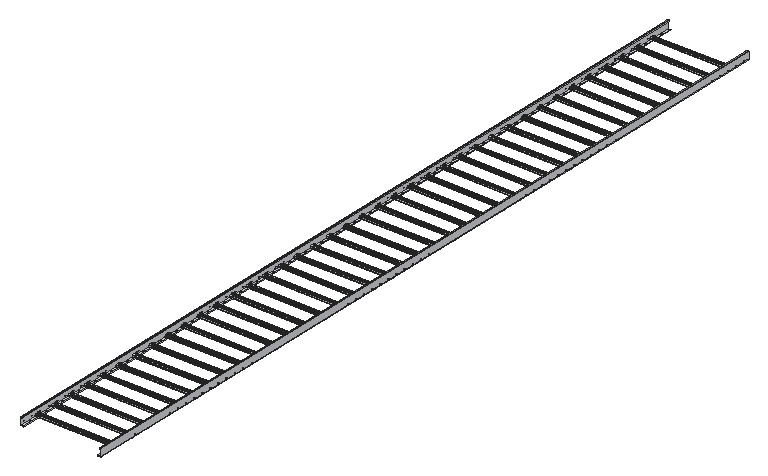
Revit family "Kabelleiter LG 60, 6 m VS FT", category Generic Models, Revit 2017 (continued)
Dimensions and locks
  locked: Extrusion 262 sketch curve to Extrusion 262 sketch curve at 28
  locked: Extrusion 262 sketch curve to plane 690 at 14
  locked: Extrusion 263 sketch curve to Extrusion 263 sketch curve at 9
  locked: plane 691 to Extrusion 263 sketch curve at 4.527
  locked: Extrusion 263 sketch curve to Extrusion 263 sketch curve at 28
  locked: Extrusion 263 sketch curve to plane 692 at 14
  locked: Extrusion 264 sketch curve to Extrusion 264 sketch curve at 9
  locked: plane 693 to Extrusion 264 sketch curve at 4.527
  locked: Extrusion 264 sketch curve to Extrusion 264 sketch curve at 28
  locked: Extrusion 264 sketch curve to plane 694 at 14
  locked: Extrusion 265 sketch curve to Extrusion 265 sketch curve at 9
  locked: plane 695 to Extrusion 265 sketch curve at 4.527
  locked: Extrusion 265 sketch curve to Extrusion 265 sketch curve at 28
  locked: Extrusion 265 sketch curve to plane 696 at 14
  locked: Extrusion 266 sketch curve to Extrusion 266 sketch curve at 9
  locked: plane 697 to Extrusion 266 sketch curve at 4.527
  locked: Extrusion 266 sketch curve to Extrusion 266 sketch curve at 28
  locked: Extrusion 266 sketch curve to plane 698 at 14
  locked: Extrusion 267 sketch curve to Extrusion 267 sketch curve at 9
  locked: plane 699 to Extrusion 267 sketch curve at 4.527
  locked: Extrusion 267 sketch curve to Extrusion 267 sketch curve at 28
  locked: Extrusion 267 sketch curve to plane 700 at 14
  locked: Extrusion 268 sketch curve to Extrusion 268 sketch curve at 9
  locked: plane 701 to Extrusion 268 sketch curve at 4.527
  locked: Extrusion 268 sketch curve to Extrusion 268 sketch curve at 28
  locked: Extrusion 268 sketch curve to plane 702 at 14
  locked: Extrusion 269 sketch curve to Extrusion 269 sketch curve at 9
  locked: plane 703 to Extrusion 269 sketch curve at 4.527
  locked: Extrusion 269 sketch curve to Extrusion 269 sketch curve at 28
  locked: Extrusion 269 sketch curve to plane 704 at 14
  locked: Extrusion 270 sketch curve to Extrusion 270 sketch curve at 9
  locked: plane 705 to Extrusion 270 sketch curve at 4.527
  locked: Extrusion 270 sketch curve to Extrusion 270 sketch curve at 28
  locked: Extrusion 270 sketch curve to plane 706 at 14
  locked: Extrusion 271 sketch curve to Extrusion 271 sketch curve at 9
  locked: plane 707 to Extrusion 271 sketch curve at 4.527
  locked: Extrusion 271 sketch curve to Extrusion 271 sketch curve at 28
  locked: Extrusion 271 sketch curve to plane 708 at 14
  locked: Extrusion 272 sketch curve to Extrusion 272 sketch curve at 9
  locked: plane 709 to Extrusion 272 sketch curve at 4.527
  locked: Extrusion 272 sketch curve to Extrusion 272 sketch curve at 28
  locked: Extrusion 272 sketch curve to plane 710 at 14
  locked: Extrusion 273 sketch curve to Extrusion 273 sketch curve at 9
  locked: plane 711 to Extrusion 273 sketch curve at 4.527
  locked: Extrusion 273 sketch curve to Extrusion 273 sketch curve at 28
  locked: Extrusion 273 sketch curve to plane 712 at 14
  locked: Extrusion 274 sketch curve to Extrusion 274 sketch curve at 9
  locked: plane 713 to Extrusion 274 sketch curve at 4.527
  locked: Extrusion 274 sketch curve to Extrusion 274 sketch curve at 28
  locked: Extrusion 274 sketch curve to plane 714 at 14
  locked: Extrusion 275 sketch curve to Extrusion 275 sketch curve at 9
  locked: plane 715 to Extrusion 275 sketch curve at 4.527
  locked: Extrusion 275 sketch curve to Extrusion 275 sketch curve at 28
  locked: Extrusion 275 sketch curve to plane 716 at 14
  locked: Extrusion 276 sketch curve to Extrusion 276 sketch curve at 9
  locked: plane 717 to Extrusion 276 sketch curve at 4.527
  locked: Extrusion 276 sketch curve to Extrusion 276 sketch curve at 28
  locked: Extrusion 276 sketch curve to plane 718 at 14
  locked: Extrusion 277 sketch curve to Extrusion 277 sketch curve at 9
  locked: plane 719 to Extrusion 277 sketch curve at 4.527
  locked: Extrusion 277 sketch curve to Extrusion 277 sketch curve at 28
  locked: Extrusion 277 sketch curve to plane 720 at 14
  locked: Extrusion 278 sketch curve to Extrusion 278 sketch curve at 9
  locked: plane 721 to Extrusion 278 sketch curve at 4.527
  locked: Extrusion 278 sketch curve to Extrusion 278 sketch curve at 28
  locked: Extrusion 278 sketch curve to plane 722 at 14
  locked: Extrusion 279 sketch curve to Extrusion 279 sketch curve at 9
  locked: plane 723 to Extrusion 279 sketch curve at 4.527
  locked: Extrusion 279 sketch curve to Extrusion 279 sketch curve at 28
  locked: Extrusion 279 sketch curve to plane 724 at 14
  locked: Extrusion 280 sketch curve to Extrusion 280 sketch curve at 9
  locked: plane 725 to Extrusion 280 sketch curve at 4.527
  locked: Extrusion 280 sketch curve to Extrusion 280 sketch curve at 28
  locked: Extrusion 280 sketch curve to plane 726 at 14
  locked: Extrusion 281 sketch curve to Extrusion 281 sketch curve at 9
  locked: plane 727 to Extrusion 281 sketch curve at 4.527
  locked: Extrusion 281 sketch curve to Extrusion 281 sketch curve at 28
  locked: Extrusion 281 sketch curve to plane 728 at 14
  locked: plane 730 to plane 729 at 57.5
  locked: Extrusion 282 sketch curve to Extrusion 282 sketch curve at 11
  locked: plane 729 to Extrusion 282 sketch curve at 5.5
  locked: Extrusion 282 sketch curve to plane 731 at 8.5
  Extrusion 2 to plane 731 = 8.5 mm
  locked: plane 733 to plane 732 at 57.5
  locked: Extrusion 283 sketch curve to Extrusion 283 sketch curve at 11
  locked: plane 732 to Extrusion 283 sketch curve at 5.5
  locked: Extrusion 283 sketch curve to plane 734 at 8.5
  locked: plane 736 to plane 735 at 57.5
  locked: Extrusion 284 sketch curve to Extrusion 284 sketch curve at 11
  locked: plane 735 to Extrusion 284 sketch curve at 5.5
  locked: Extrusion 284 sketch curve to plane 737 at 8.5
  locked: plane 739 to plane 738 at 57.5
  locked: Extrusion 285 sketch curve to Extrusion 285 sketch curve at 11
  locked: plane 738 to Extrusion 285 sketch curve at 5.5
  locked: Extrusion 285 sketch curve to plane 740 at 8.5
  locked: plane 742 to plane 741 at 57.5
  locked: Extrusion 286 sketch curve to Extrusion 286 sketch curve at 11
  locked: plane 741 to Extrusion 286 sketch curve at 5.5
  locked: Extrusion 286 sketch curve to plane 743 at 8.5
  locked: plane 745 to plane 744 at 57.5
  locked: Extrusion 287 sketch curve to Extrusion 287 sketch curve at 11
  locked: plane 744 to Extrusion 287 sketch curve at 5.5
  locked: Extrusion 287 sketch curve to plane 746 at 8.5
  locked: plane 748 to plane 747 at 57.5
  locked: Extrusion 288 sketch curve to Extrusion 288 sketch curve at 11
  locked: plane 747 to Extrusion 288 sketch curve at 5.5
  locked: Extrusion 288 sketch curve to plane 749 at 8.5
  locked: plane 751 to plane 750 at 57.5
  locked: Extrusion 289 sketch curve to Extrusion 289 sketch curve at 11
  locked: plane 750 to Extrusion 289 sketch curve at 5.5
  locked: Extrusion 289 sketch curve to plane 752 at 8.5
  locked: plane 754 to plane 753 at 57.5
  locked: Extrusion 290 sketch curve to Extrusion 290 sketch curve at 11
  locked: plane 753 to Extrusion 290 sketch curve at 5.5
  locked: Extrusion 290 sketch curve to plane 755 at 8.5
  locked: plane 757 to plane 756 at 57.5
  locked: Extrusion 291 sketch curve to Extrusion 291 sketch curve at 11
  locked: plane 756 to Extrusion 291 sketch curve at 5.5
  locked: Extrusion 291 sketch curve to plane 758 at 8.5
  locked: plane 760 to plane 759 at 57.5
  locked: Extrusion 292 sketch curve to Extrusion 292 sketch curve at 11
  locked: plane 759 to Extrusion 292 sketch curve at 5.5
  locked: Extrusion 292 sketch curve to plane 761 at 8.5
  locked: plane 763 to plane 762 at 57.5
  locked: Extrusion 293 sketch curve to Extrusion 293 sketch curve at 11
  locked: plane 762 to Extrusion 293 sketch curve at 5.5
  locked: Extrusion 293 sketch curve to plane 764 at 8.5
  locked: plane 766 to plane 765 at 57.5
  locked: Extrusion 294 sketch curve to Extrusion 294 sketch curve at 11
  locked: plane 765 to Extrusion 294 sketch curve at 5.5
  locked: Extrusion 294 sketch curve to plane 767 at 8.5
  locked: plane 769 to plane 768 at 57.5
  locked: Extrusion 295 sketch curve to Extrusion 295 sketch curve at 11
  locked: plane 768 to Extrusion 295 sketch curve at 5.5
  locked: Extrusion 295 sketch curve to plane 770 at 8.5
  locked: Extrusion 296 sketch curve to Extrusion 296 sketch curve at 7
  locked: Extrusion 296 sketch curve to plane 771 at 3.5
  locked: cut or joined group 1 (Extrusion 2, Extrusion 282, Extrusion 283, Extrusion 284, Extrusion 285, Extrusion 286, Extrusion 287, Extrusion 288, Extrusion 289, Extrusion 290, Extrusion 291, Extrusion 292, Extrusion 293, Extrusion 295, Extrusion 296, Extrusion 297, Extrusion 298, Extrusion 299, Extrusion 300, Extrusion 301, Extrusion 302, Extrusion 303, Extrusion 304, Extrusion 305, Extrusion 306, Extrusion 307) to cut or joined group 1 at 17
  locked: Extrusion 297 sketch curve to Extrusion 297 sketch curve at 7
  locked: Extrusion 297 sketch curve to plane 773 at 3.5
  locked: Extrusion 298 sketch curve to Extrusion 298 sketch curve at 7
  locked: Extrusion 298 sketch curve to plane 775 at 3.5
  locked: Extrusion 299 sketch curve to Extrusion 299 sketch curve at 7
  locked: Extrusion 299 sketch curve to plane 777 at 3.5
  locked: Extrusion 300 sketch curve to Extrusion 300 sketch curve at 7
  locked: Extrusion 300 sketch curve to plane 779 at 3.5
  locked: Extrusion 301 sketch curve to Extrusion 301 sketch curve at 7
  locked: Extrusion 301 sketch curve to plane 781 at 3.5
  locked: Extrusion 302 sketch curve to Extrusion 302 sketch curve at 7
  locked: Extrusion 302 sketch curve to plane 783 at 3.5
  locked: Extrusion 303 sketch curve to Extrusion 303 sketch curve at 7
  locked: Extrusion 303 sketch curve to plane 785 at 3.5
  locked: Extrusion 304 sketch curve to Extrusion 304 sketch curve at 7
  locked: Extrusion 304 sketch curve to plane 787 at 3.5
  locked: Extrusion 305 sketch curve to Extrusion 305 sketch curve at 7
  locked: Extrusion 305 sketch curve to plane 789 at 3.5
  locked: Extrusion 306 sketch curve to Extrusion 306 sketch curve at 7
  locked: Extrusion 306 sketch curve to plane 791 at 3.5
  locked: Extrusion 307 sketch curve to Extrusion 307 sketch curve at 7
  locked: Extrusion 307 sketch curve to plane 793 at 3.5
  locked: plane 796 to plane 795 at 57.5
  locked: Extrusion 308 sketch curve to Extrusion 308 sketch curve at 11
  locked: plane 795 to Extrusion 308 sketch curve at 5.5
  locked: Extrusion 308 sketch curve to plane 797 at 8.5
  locked: plane 799 to plane 798 at 57.5
  locked: Extrusion 309 sketch curve to Extrusion 309 sketch curve at 11
  locked: plane 798 to Extrusion 309 sketch curve at 5.5
  locked: Extrusion 309 sketch curve to plane 800 at 8.5
  locked: plane 802 to plane 801 at 57.5
  locked: Extrusion 310 sketch curve to Extrusion 310 sketch curve at 11
  locked: plane 801 to Extrusion 310 sketch curve at 5.5
  locked: Extrusion 310 sketch curve to plane 803 at 8.5
  locked: plane 805 to plane 804 at 57.5
  locked: Extrusion 311 sketch curve to Extrusion 311 sketch curve at 11
  locked: plane 804 to Extrusion 311 sketch curve at 5.5
  locked: Extrusion 311 sketch curve to plane 806 at 8.5
  locked: plane 808 to plane 807 at 57.5
  locked: Extrusion 312 sketch curve to Extrusion 312 sketch curve at 11
  locked: plane 807 to Extrusion 312 sketch curve at 5.5
  locked: Extrusion 312 sketch curve to plane 809 at 8.5
  locked: plane 811 to plane 810 at 57.5
  locked: Extrusion 313 sketch curve to Extrusion 313 sketch curve at 11
  locked: plane 810 to Extrusion 313 sketch curve at 5.5
  locked: Extrusion 313 sketch curve to plane 812 at 8.5
  locked: plane 814 to plane 813 at 57.5
  locked: Extrusion 314 sketch curve to Extrusion 314 sketch curve at 11
  locked: plane 813 to Extrusion 314 sketch curve at 5.5
  locked: Extrusion 314 sketch curve to plane 815 at 8.5
  locked: plane 817 to plane 816 at 57.5
  locked: Extrusion 315 sketch curve to Extrusion 315 sketch curve at 11
  locked: plane 816 to Extrusion 315 sketch curve at 5.5
  locked: Extrusion 315 sketch curve to plane 818 at 8.5
  locked: plane 820 to plane 819 at 57.5
  locked: Extrusion 316 sketch curve to Extrusion 316 sketch curve at 11
  locked: plane 819 to Extrusion 316 sketch curve at 5.5
  locked: Extrusion 316 sketch curve to plane 821 at 8.5
  locked: plane 823 to plane 822 at 57.5
  locked: Extrusion 317 sketch curve to Extrusion 317 sketch curve at 11
  locked: plane 822 to Extrusion 317 sketch curve at 5.5
  locked: Extrusion 317 sketch curve to plane 824 at 8.5
  locked: plane 826 to plane 825 at 57.5
  locked: Extrusion 318 sketch curve to Extrusion 318 sketch curve at 11
  locked: plane 825 to Extrusion 318 sketch curve at 5.5
  locked: Extrusion 318 sketch curve to plane 827 at 8.5
  locked: plane 829 to plane 828 at 57.5
  locked: Extrusion 319 sketch curve to Extrusion 319 sketch curve at 11
  locked: plane 828 to Extrusion 319 sketch curve at 5.5
  locked: Extrusion 319 sketch curve to plane 830 at 8.5
  locked: plane 832 to plane 831 at 57.5
  locked: Extrusion 320 sketch curve to Extrusion 320 sketch curve at 11
  locked: plane 831 to Extrusion 320 sketch curve at 5.5
  locked: Extrusion 320 sketch curve to plane 833 at 8.5
  locked: plane 835 to plane 834 at 57.5
  locked: Extrusion 321 sketch curve to Extrusion 321 sketch curve at 11
  locked: plane 834 to Extrusion 321 sketch curve at 5.5
  locked: Extrusion 321 sketch curve to plane 836 at 8.5
  locked: plane 838 to plane 837 at 57.5
  locked: Extrusion 322 sketch curve to Extrusion 322 sketch curve at 11
  locked: plane 837 to Extrusion 322 sketch curve at 5.5
  locked: Extrusion 322 sketch curve to plane 839 at 8.5
  locked: plane 841 to plane 840 at 57.5
  locked: Extrusion 323 sketch curve to Extrusion 323 sketch curve at 11
  locked: plane 840 to Extrusion 323 sketch curve at 5.5
  locked: Extrusion 323 sketch curve to plane 842 at 8.5
  locked: plane 844 to plane 843 at 57.5
  locked: Extrusion 324 sketch curve to Extrusion 324 sketch curve at 11
  locked: plane 843 to Extrusion 324 sketch curve at 5.5
  locked: Extrusion 324 sketch curve to plane 845 at 8.5
  locked: plane 847 to plane 846 at 57.5
  locked: Extrusion 325 sketch curve to Extrusion 325 sketch curve at 11
  locked: plane 846 to Extrusion 325 sketch curve at 5.5
  locked: Extrusion 325 sketch curve to plane 848 at 8.5
  locked: plane 850 to plane 849 at 57.5
  locked: Extrusion 326 sketch curve to Extrusion 326 sketch curve at 11
  locked: plane 849 to Extrusion 326 sketch curve at 5.5
  locked: Extrusion 326 sketch curve to plane 851 at 8.5
  locked: plane 853 to plane 852 at 57.5
  locked: Extrusion 327 sketch curve to Extrusion 327 sketch curve at 11
  locked: plane 852 to Extrusion 327 sketch curve at 5.5
  locked: Extrusion 327 sketch curve to plane 854 at 8.5
  locked: plane 856 to plane 855 at 57.5
  locked: Extrusion 328 sketch curve to Extrusion 328 sketch curve at 11
  locked: plane 855 to Extrusion 328 sketch curve at 5.5
  locked: Extrusion 328 sketch curve to plane 857 at 8.5
  locked: plane 859 to plane 858 at 57.5
  locked: Extrusion 329 sketch curve to Extrusion 329 sketch curve at 11
  locked: plane 858 to Extrusion 329 sketch curve at 5.5
  locked: Extrusion 329 sketch curve to plane 860 at 8.5
  locked: plane 862 to plane 861 at 57.5
  locked: Extrusion 330 sketch curve to Extrusion 330 sketch curve at 11
  locked: plane 861 to Extrusion 330 sketch curve at 5.5
  locked: Extrusion 330 sketch curve to plane 863 at 8.5
  locked: plane 865 to plane 864 at 57.5
  locked: Extrusion 331 sketch curve to Extrusion 331 sketch curve at 11
  locked: plane 864 to Extrusion 331 sketch curve at 5.5
  locked: Extrusion 331 sketch curve to plane 866 at 8.5
  locked: plane 868 to plane 867 at 57.5
  locked: Extrusion 332 sketch curve to Extrusion 332 sketch curve at 11
  locked: plane 867 to Extrusion 332 sketch curve at 5.5
  locked: Extrusion 332 sketch curve to plane 869 at 8.5
  locked: plane 871 to plane 870 at 57.5
  locked: Extrusion 333 sketch curve to Extrusion 333 sketch curve at 11
  locked: plane 870 to Extrusion 333 sketch curve at 5.5
  locked: Extrusion 333 sketch curve to plane 872 at 8.5
  locked: plane 874 to plane 873 at 57.5
  locked: Extrusion 334 sketch curve to Extrusion 334 sketch curve at 11
  locked: plane 873 to Extrusion 334 sketch curve at 5.5
  locked: Extrusion 334 sketch curve to plane 875 at 8.5
  locked: plane 877 to plane 876 at 57.5
  locked: Extrusion 335 sketch curve to Extrusion 335 sketch curve at 11
  locked: plane 876 to Extrusion 335 sketch curve at 5.5
  locked: Extrusion 335 sketch curve to plane 878 at 8.5
  locked: plane 880 to plane 879 at 57.5
  locked: Extrusion 336 sketch curve to Extrusion 336 sketch curve at 11
  locked: plane 879 to Extrusion 336 sketch curve at 5.5
  locked: Extrusion 336 sketch curve to plane 881 at 8.5
  locked: plane 883 to plane 882 at 57.5
  locked: Extrusion 337 sketch curve to Extrusion 337 sketch curve at 11
  locked: plane 882 to Extrusion 337 sketch curve at 5.5
  locked: Extrusion 337 sketch curve to plane 884 at 8.5
  locked: plane 886 to plane 885 at 57.5
  locked: Extrusion 338 sketch curve to Extrusion 338 sketch curve at 11
  locked: plane 885 to Extrusion 338 sketch curve at 5.5
  locked: Extrusion 338 sketch curve to plane 887 at 8.5
  locked: plane 889 to plane 888 at 57.5
  locked: Extrusion 339 sketch curve to Extrusion 339 sketch curve at 11
  locked: plane 888 to Extrusion 339 sketch curve at 5.5
  locked: Extrusion 339 sketch curve to plane 890 at 8.5
  locked: plane 892 to plane 891 at 57.5
  locked: Extrusion 340 sketch curve to Extrusion 340 sketch curve at 11
  locked: plane 891 to Extrusion 340 sketch curve at 5.5
  locked: Extrusion 340 sketch curve to plane 893 at 8.5
  locked: plane 895 to plane 894 at 57.5
  locked: Extrusion 341 sketch curve to Extrusion 341 sketch curve at 11
  locked: plane 894 to Extrusion 341 sketch curve at 5.5
  locked: Extrusion 341 sketch curve to plane 896 at 8.5
  locked: plane 898 to plane 897 at 57.5
  locked: Extrusion 342 sketch curve to Extrusion 342 sketch curve at 11
  locked: plane 897 to Extrusion 342 sketch curve at 5.5
  locked: Extrusion 342 sketch curve to plane 899 at 8.5
  locked: plane 901 to plane 900 at 57.5
  locked: Extrusion 343 sketch curve to Extrusion 343 sketch curve at 11
  locked: plane 900 to Extrusion 343 sketch curve at 5.5
  locked: Extrusion 343 sketch curve to plane 902 at 8.5
  locked: plane 904 to plane 903 at 57.5
  locked: Extrusion 344 sketch curve to Extrusion 344 sketch curve at 11
  locked: plane 903 to Extrusion 344 sketch curve at 5.5
  locked: Extrusion 344 sketch curve to plane 905 at 8.5
  locked: Extrusion 345 sketch curve to Extrusion 345 sketch curve at 7
  locked: Extrusion 345 sketch curve to plane 906 at 3.5
  locked: Extrusion 346 sketch curve to Extrusion 346 sketch curve at 7
  locked: Extrusion 346 sketch curve to plane 908 at 3.5
  locked: Extrusion 347 sketch curve to Extrusion 347 sketch curve at 7
  locked: Extrusion 347 sketch curve to plane 910 at 3.5
  locked: Extrusion 348 sketch curve to Extrusion 348 sketch curve at 7
  locked: Extrusion 348 sketch curve to plane 912 at 3.5
  locked: Extrusion 349 sketch curve to Extrusion 349 sketch curve at 7
  locked: Extrusion 349 sketch curve to plane 914 at 3.5
  locked: Extrusion 350 sketch curve to Extrusion 350 sketch curve at 7
  locked: Extrusion 350 sketch curve to plane 916 at 3.5
  locked: Extrusion 351 sketch curve to Extrusion 351 sketch curve at 7
  locked: Extrusion 351 sketch curve to plane 918 at 3.5
  locked: Extrusion 352 sketch curve to Extrusion 352 sketch curve at 7
  locked: Extrusion 352 sketch curve to plane 920 at 3.5
  locked: Extrusion 353 sketch curve to Extrusion 353 sketch curve at 7
  locked: Extrusion 353 sketch curve to plane 922 at 3.5
  locked: Extrusion 354 sketch curve to Extrusion 354 sketch curve at 7
  locked: Extrusion 354 sketch curve to plane 924 at 3.5
  locked: Extrusion 355 sketch curve to Extrusion 355 sketch curve at 7
  locked: Extrusion 355 sketch curve to plane 926 at 3.5
  locked: Extrusion 356 sketch curve to Extrusion 356 sketch curve at 7
  locked: Extrusion 356 sketch curve to plane 928 at 3.5
  locked: Extrusion 357 sketch curve to Extrusion 357 sketch curve at 7
  locked: Extrusion 357 sketch curve to plane 930 at 3.5
  locked: Extrusion 358 sketch curve to Extrusion 358 sketch curve at 7
  locked: Extrusion 358 sketch curve to plane 932 at 3.5
  locked: Extrusion 359 sketch curve to Extrusion 359 sketch curve at 7
  locked: Extrusion 359 sketch curve to plane 934 at 3.5
  locked: Extrusion 360 sketch curve to Extrusion 360 sketch curve at 7
  locked: Extrusion 360 sketch curve to plane 936 at 3.5
  locked: Extrusion 361 sketch curve to Extrusion 361 sketch curve at 7
  locked: Extrusion 361 sketch curve to plane 938 at 3.5
  locked: Extrusion 362 sketch curve to Extrusion 362 sketch curve at 7
  locked: Extrusion 362 sketch curve to plane 940 at 3.5
  locked: Extrusion 363 sketch curve to Extrusion 363 sketch curve at 7
  locked: Extrusion 363 sketch curve to plane 942 at 3.5
  locked: Extrusion 364 sketch curve to Extrusion 364 sketch curve at 7
  locked: Extrusion 364 sketch curve to plane 944 at 3.5
  locked: Extrusion 365 sketch curve to Extrusion 365 sketch curve at 7
  locked: Extrusion 365 sketch curve to plane 946 at 3.5
  locked: Extrusion 366 sketch curve to Extrusion 366 sketch curve at 7
  locked: Extrusion 366 sketch curve to plane 948 at 3.5
  locked: Extrusion 367 sketch curve to Extrusion 367 sketch curve at 7
  locked: Extrusion 367 sketch curve to plane 950 at 3.5
  locked: Extrusion 368 sketch curve to Extrusion 368 sketch curve at 7
  locked: Extrusion 368 sketch curve to plane 952 at 3.5
  locked: Extrusion 369 sketch curve to Extrusion 369 sketch curve at 7
  locked: Extrusion 369 sketch curve to plane 954 at 3.5
  locked: Extrusion 370 sketch curve to Extrusion 370 sketch curve at 7
  locked: Extrusion 370 sketch curve to plane 956 at 3.5
  locked: Extrusion 371 sketch curve to Extrusion 371 sketch curve at 7
  locked: Extrusion 371 sketch curve to plane 958 at 3.5
  locked: Extrusion 372 sketch curve to Extrusion 372 sketch curve at 7
  locked: Extrusion 372 sketch curve to plane 960 at 3.5
  locked: Extrusion 373 sketch curve to Extrusion 373 sketch curve at 7
  locked: Extrusion 373 sketch curve to plane 962 at 3.5
  locked: Extrusion 374 sketch curve to Extrusion 374 sketch curve at 7
  locked: Extrusion 374 sketch curve to plane 964 at 3.5
  locked: Extrusion 375 sketch curve to Extrusion 375 sketch curve at 7
  locked: Extrusion 375 sketch curve to plane 966 at 3.5
  locked: Extrusion 376 sketch curve to Extrusion 376 sketch curve at 7
  locked: Extrusion 376 sketch curve to plane 968 at 3.5
  locked: Extrusion 377 sketch curve to Extrusion 377 sketch curve at 7
  locked: Extrusion 377 sketch curve to plane 970 at 3.5
  locked: Extrusion 378 sketch curve to Extrusion 378 sketch curve at 7
  locked: Extrusion 378 sketch curve to plane 972 at 3.5
  locked: Extrusion 379 sketch curve to Extrusion 379 sketch curve at 7
  locked: Extrusion 379 sketch curve to plane 974 at 3.5
  locked: Extrusion 380 sketch curve to Extrusion 380 sketch curve at 7
  locked: Extrusion 380 sketch curve to plane 976 at 3.5
  locked: Extrusion 381 sketch curve to Extrusion 381 sketch curve at 7
  locked: Extrusion 381 sketch curve to plane 978 at 3.5
  locked: plane 981 to plane 980 at 57.5
  locked: Extrusion 382 sketch curve to Extrusion 382 sketch curve at 11
  locked: plane 980 to Extrusion 382 sketch curve at 5.5
  locked: Extrusion 382 sketch curve to plane 982 at 8.5
  locked: plane 984 to plane 983 at 57.5
  locked: Extrusion 383 sketch curve to Extrusion 383 sketch curve at 11
  locked: plane 983 to Extrusion 383 sketch curve at 5.5
  locked: Extrusion 383 sketch curve to plane 985 at 8.5
  locked: plane 987 to plane 986 at 57.5
  locked: Extrusion 384 sketch curve to Extrusion 384 sketch curve at 11
  locked: plane 986 to Extrusion 384 sketch curve at 5.5
  locked: Extrusion 384 sketch curve to plane 988 at 8.5
  locked: plane 990 to plane 989 at 57.5
  locked: Extrusion 385 sketch curve to Extrusion 385 sketch curve at 11
  locked: plane 989 to Extrusion 385 sketch curve at 5.5
  locked: Extrusion 385 sketch curve to plane 991 at 8.5
  locked: plane 993 to plane 992 at 57.5
  locked: Extrusion 386 sketch curve to Extrusion 386 sketch curve at 11
  locked: plane 992 to Extrusion 386 sketch curve at 5.5
  locked: Extrusion 386 sketch curve to plane 994 at 8.5
  locked: plane 996 to plane 995 at 57.5
  locked: Extrusion 387 sketch curve to Extrusion 387 sketch curve at 11
  locked: plane 995 to Extrusion 387 sketch curve at 5.5
  locked: Extrusion 387 sketch curve to plane 997 at 8.5
  locked: plane 999 to plane 998 at 57.5
  locked: Extrusion 388 sketch curve to Extrusion 388 sketch curve at 11
  locked: plane 998 to Extrusion 388 sketch curve at 5.5
  locked: Extrusion 388 sketch curve to plane 1000 at 8.5
  locked: plane 1002 to plane 1001 at 57.5
  locked: Extrusion 389 sketch curve to Extrusion 389 sketch curve at 11
  locked: plane 1001 to Extrusion 389 sketch curve at 5.5
  locked: Extrusion 389 sketch curve to plane 1003 at 8.5
  locked: plane 1005 to plane 1004 at 57.5
  locked: Extrusion 390 sketch curve to Extrusion 390 sketch curve at 11
  locked: plane 1004 to Extrusion 390 sketch curve at 5.5
  locked: Extrusion 390 sketch curve to plane 1006 at 8.5
  locked: plane 1008 to plane 1007 at 57.5
  locked: Extrusion 391 sketch curve to Extrusion 391 sketch curve at 11
  locked: plane 1007 to Extrusion 391 sketch curve at 5.5
  locked: Extrusion 391 sketch curve to plane 1009 at 8.5
  locked: plane 1011 to plane 1010 at 57.5
  locked: Extrusion 392 sketch curve to Extrusion 392 sketch curve at 11
  locked: plane 1010 to Extrusion 392 sketch curve at 5.5
  locked: Extrusion 392 sketch curve to plane 1012 at 8.5
  locked: plane 1014 to plane 1013 at 57.5
  locked: Extrusion 393 sketch curve to Extrusion 393 sketch curve at 11
  locked: plane 1013 to Extrusion 393 sketch curve at 5.5
  locked: Extrusion 393 sketch curve to plane 1015 at 8.5
  locked: plane 1017 to plane 1016 at 57.5
  locked: Extrusion 394 sketch curve to Extrusion 394 sketch curve at 11
  locked: plane 1016 to Extrusion 394 sketch curve at 5.5
  locked: Extrusion 394 sketch curve to plane 1018 at 8.5
  locked: plane 1020 to plane 1019 at 57.5
  locked: Extrusion 395 sketch curve to Extrusion 395 sketch curve at 11
  locked: plane 1019 to Extrusion 395 sketch curve at 5.5
  locked: Extrusion 395 sketch curve to plane 1021 at 8.5
  locked: plane 1023 to plane 1022 at 57.5
  locked: Extrusion 396 sketch curve to Extrusion 396 sketch curve at 11
  locked: plane 1022 to Extrusion 396 sketch curve at 5.5
  locked: Extrusion 396 sketch curve to plane 1024 at 8.5
  locked: plane 1026 to plane 1025 at 57.5
  locked: Extrusion 397 sketch curve to Extrusion 397 sketch curve at 11
  locked: plane 1025 to Extrusion 397 sketch curve at 5.5
  locked: Extrusion 397 sketch curve to plane 1027 at 8.5
  locked: plane 1029 to plane 1028 at 57.5
  locked: Extrusion 398 sketch curve to Extrusion 398 sketch curve at 11
  locked: plane 1028 to Extrusion 398 sketch curve at 5.5
  locked: Extrusion 398 sketch curve to plane 1030 at 8.5
  locked: plane 1032 to plane 1031 at 57.5
  locked: Extrusion 399 sketch curve to Extrusion 399 sketch curve at 11
  locked: plane 1031 to Extrusion 399 sketch curve at 5.5
  locked: Extrusion 399 sketch curve to plane 1033 at 8.5
  locked: plane 1035 to plane 1034 at 57.5
  locked: Extrusion 400 sketch curve to Extrusion 400 sketch curve at 11
  locked: plane 1034 to Extrusion 400 sketch curve at 5.5
  locked: Extrusion 400 sketch curve to plane 1036 at 8.5
  locked: plane 1038 to plane 1037 at 57.5
  locked: Extrusion 401 sketch curve to Extrusion 401 sketch curve at 11
  locked: plane 1037 to Extrusion 401 sketch curve at 5.5
  locked: Extrusion 401 sketch curve to plane 1039 at 8.5
  locked: plane 1041 to plane 1040 at 57.5
  locked: Extrusion 402 sketch curve to Extrusion 402 sketch curve at 11
  locked: plane 1040 to Extrusion 402 sketch curve at 5.5
  locked: Extrusion 402 sketch curve to plane 1042 at 8.5
  locked: plane 1044 to plane 1043 at 57.5
  locked: Extrusion 403 sketch curve to Extrusion 403 sketch curve at 11
  locked: plane 1043 to Extrusion 403 sketch curve at 5.5
  locked: Extrusion 403 sketch curve to plane 1045 at 8.5
  locked: plane 1047 to plane 1046 at 57.5
  locked: Extrusion 404 sketch curve to Extrusion 404 sketch curve at 11
  locked: plane 1046 to Extrusion 404 sketch curve at 5.5
  locked: Extrusion 404 sketch curve to plane 1048 at 8.5
  locked: plane 1050 to plane 1049 at 57.5
  locked: Extrusion 405 sketch curve to Extrusion 405 sketch curve at 11
  locked: plane 1049 to Extrusion 405 sketch curve at 5.5
  locked: Extrusion 405 sketch curve to plane 1051 at 8.5
  locked: plane 1053 to plane 1052 at 57.5
  locked: Extrusion 406 sketch curve to Extrusion 406 sketch curve at 11
  locked: plane 1052 to Extrusion 406 sketch curve at 5.5
  locked: Extrusion 406 sketch curve to plane 1054 at 8.5
  locked: plane 1056 to plane 1055 at 57.5
  locked: Extrusion 407 sketch curve to Extrusion 407 sketch curve at 11
  locked: plane 1055 to Extrusion 407 sketch curve at 5.5
  locked: Extrusion 407 sketch curve to plane 1057 at 8.5
  locked: plane 1059 to plane 1058 at 57.5
  locked: Extrusion 408 sketch curve to Extrusion 408 sketch curve at 11
  locked: plane 1058 to Extrusion 408 sketch curve at 5.5
  locked: Extrusion 408 sketch curve to plane 1060 at 8.5
  locked: plane 1062 to plane 1061 at 57.5
  locked: Extrusion 409 sketch curve to Extrusion 409 sketch curve at 11
  locked: plane 1061 to Extrusion 409 sketch curve at 5.5
  locked: Extrusion 409 sketch curve to plane 1063 at 8.5
  locked: plane 1065 to plane 1064 at 57.5
  locked: Extrusion 410 sketch curve to Extrusion 410 sketch curve at 11
  locked: plane 1064 to Extrusion 410 sketch curve at 5.5
  locked: Extrusion 410 sketch curve to plane 1066 at 8.5
  locked: plane 1068 to plane 1067 at 57.5
  locked: Extrusion 411 sketch curve to Extrusion 411 sketch curve at 11
  locked: plane 1067 to Extrusion 411 sketch curve at 5.5
  locked: Extrusion 411 sketch curve to plane 1069 at 8.5
  locked: plane 1071 to plane 1070 at 57.5
  locked: Extrusion 412 sketch curve to Extrusion 412 sketch curve at 11
  locked: plane 1070 to Extrusion 412 sketch curve at 5.5
  locked: Extrusion 412 sketch curve to plane 1072 at 8.5
  locked: plane 1074 to plane 1073 at 57.5
  locked: Extrusion 413 sketch curve to Extrusion 413 sketch curve at 11
  locked: plane 1073 to Extrusion 413 sketch curve at 5.5
  locked: Extrusion 413 sketch curve to plane 1075 at 8.5
  locked: plane 1077 to plane 1076 at 57.5
  locked: Extrusion 414 sketch curve to Extrusion 414 sketch curve at 11
  locked: plane 1076 to Extrusion 414 sketch curve at 5.5
  locked: Extrusion 414 sketch curve to plane 1078 at 8.5
  locked: plane 1080 to plane 1079 at 57.5
  locked: Extrusion 415 sketch curve to Extrusion 415 sketch curve at 11
  locked: plane 1079 to Extrusion 415 sketch curve at 5.5
  locked: Extrusion 415 sketch curve to plane 1081 at 8.5
  locked: plane 1083 to plane 1082 at 57.5
  locked: Extrusion 416 sketch curve to Extrusion 416 sketch curve at 11
  locked: plane 1082 to Extrusion 416 sketch curve at 5.5
  locked: Extrusion 416 sketch curve to plane 1084 at 8.5
  locked: plane 1086 to plane 1085 at 57.5
  locked: Extrusion 417 sketch curve to Extrusion 417 sketch curve at 11
  locked: plane 1085 to Extrusion 417 sketch curve at 5.5
  locked: Extrusion 417 sketch curve to plane 1087 at 8.5
  locked: plane 1089 to plane 1088 at 57.5
  locked: Extrusion 418 sketch curve to Extrusion 418 sketch curve at 11
  locked: plane 1088 to Extrusion 418 sketch curve at 5.5
  locked: Extrusion 418 sketch curve to plane 1090 at 8.5
  locked: Extrusion 419 sketch curve to Extrusion 419 sketch curve at 7
  locked: Extrusion 419 sketch curve to plane 1091 at 3.5
  locked: Extrusion 420 sketch curve to Extrusion 420 sketch curve at 7
  locked: Extrusion 420 sketch curve to plane 1093 at 3.5
  locked: Extrusion 421 sketch curve to Extrusion 421 sketch curve at 7
  locked: Extrusion 421 sketch curve to plane 1095 at 3.5
  locked: Extrusion 422 sketch curve to Extrusion 422 sketch curve at 7
  locked: Extrusion 422 sketch curve to plane 1097 at 3.5
  locked: Extrusion 423 sketch curve to Extrusion 423 sketch curve at 7
  locked: Extrusion 423 sketch curve to plane 1099 at 3.5
  locked: Extrusion 424 sketch curve to Extrusion 424 sketch curve at 7
  locked: Extrusion 424 sketch curve to plane 1101 at 3.5
  locked: Extrusion 425 sketch curve to Extrusion 425 sketch curve at 7
  locked: Extrusion 425 sketch curve to plane 1103 at 3.5
  locked: Extrusion 426 sketch curve to Extrusion 426 sketch curve at 7
  locked: Extrusion 426 sketch curve to plane 1105 at 3.5
  locked: Extrusion 427 sketch curve to Extrusion 427 sketch curve at 7
  locked: Extrusion 427 sketch curve to plane 1107 at 3.5
  locked: Extrusion 428 sketch curve to Extrusion 428 sketch curve at 7
  locked: Extrusion 428 sketch curve to plane 1109 at 3.5
  locked: Extrusion 429 sketch curve to Extrusion 429 sketch curve at 7
  locked: Extrusion 429 sketch curve to plane 1111 at 3.5
  locked: Extrusion 430 sketch curve to Extrusion 430 sketch curve at 7
  locked: Extrusion 430 sketch curve to plane 1113 at 3.5
  locked: Extrusion 431 sketch curve to Extrusion 431 sketch curve at 7
  locked: Extrusion 431 sketch curve to plane 1115 at 3.5
  locked: Extrusion 432 sketch curve to Extrusion 432 sketch curve at 7
  locked: Extrusion 432 sketch curve to plane 1117 at 3.5
  locked: Extrusion 433 sketch curve to Extrusion 433 sketch curve at 7
  locked: Extrusion 433 sketch curve to plane 1119 at 3.5
  locked: Extrusion 434 sketch curve to Extrusion 434 sketch curve at 7
  locked: Extrusion 434 sketch curve to plane 1121 at 3.5
  locked: Extrusion 435 sketch curve to Extrusion 435 sketch curve at 7
  locked: Extrusion 435 sketch curve to plane 1123 at 3.5
  locked: Extrusion 436 sketch curve to Extrusion 436 sketch curve at 7
  locked: Extrusion 436 sketch curve to plane 1125 at 3.5
  locked: Extrusion 437 sketch curve to Extrusion 437 sketch curve at 7
  locked: Extrusion 437 sketch curve to plane 1127 at 3.5
  locked: Extrusion 438 sketch curve to Extrusion 438 sketch curve at 7
  locked: Extrusion 438 sketch curve to plane 1129 at 3.5
  locked: Extrusion 439 sketch curve to Extrusion 439 sketch curve at 7
  locked: Extrusion 439 sketch curve to plane 1131 at 3.5
  locked: Extrusion 440 sketch curve to Extrusion 440 sketch curve at 7
  locked: Extrusion 440 sketch curve to plane 1133 at 3.5
  locked: Extrusion 441 sketch curve to Extrusion 441 sketch curve at 7
  locked: Extrusion 441 sketch curve to plane 1135 at 3.5
  locked: Extrusion 442 sketch curve to Extrusion 442 sketch curve at 7
  locked: Extrusion 442 sketch curve to plane 1137 at 3.5
  locked: Extrusion 443 sketch curve to Extrusion 443 sketch curve at 7
  locked: Extrusion 443 sketch curve to plane 1139 at 3.5
  locked: Extrusion 444 sketch curve to Extrusion 444 sketch curve at 7
  locked: Extrusion 444 sketch curve to plane 1141 at 3.5
  locked: Extrusion 445 sketch curve to Extrusion 445 sketch curve at 7
  locked: Extrusion 445 sketch curve to plane 1143 at 3.5
  locked: Extrusion 446 sketch curve to Extrusion 446 sketch curve at 7
  locked: Extrusion 446 sketch curve to plane 1145 at 3.5
  locked: Extrusion 447 sketch curve to Extrusion 447 sketch curve at 7
  locked: Extrusion 447 sketch curve to plane 1147 at 3.5
  locked: Extrusion 448 sketch curve to Extrusion 448 sketch curve at 7
  locked: Extrusion 448 sketch curve to plane 1149 at 3.5
  locked: Extrusion 449 sketch curve to Extrusion 449 sketch curve at 7
  locked: Extrusion 449 sketch curve to plane 1151 at 3.5
  locked: Extrusion 450 sketch curve to Extrusion 450 sketch curve at 7
  locked: Extrusion 450 sketch curve to plane 1153 at 3.5
  locked: Extrusion 451 sketch curve to Extrusion 451 sketch curve at 7
  locked: Extrusion 451 sketch curve to plane 1155 at 3.5
  locked: Extrusion 452 sketch curve to Extrusion 452 sketch curve at 7
  locked: Extrusion 452 sketch curve to plane 1157 at 3.5
  locked: Extrusion 453 sketch curve to Extrusion 453 sketch curve at 7
  locked: Extrusion 453 sketch curve to plane 1159 at 3.5
  locked: Extrusion 454 sketch curve to Extrusion 454 sketch curve at 7
  locked: Extrusion 454 sketch curve to plane 1161 at 3.5
  locked: Extrusion 455 sketch curve to Extrusion 455 sketch curve at 7
  locked: Extrusion 455 sketch curve to plane 1163 at 3.5
  locked: plane 1166 to plane 1165 at 57.5
  locked: Extrusion 456 sketch curve to Extrusion 456 sketch curve at 11
  locked: plane 1165 to Extrusion 456 sketch curve at 5.5
  locked: Extrusion 456 sketch curve to plane 1167 at 8.5
  locked: plane 1169 to plane 1168 at 57.5
  locked: Extrusion 457 sketch curve to Extrusion 457 sketch curve at 11
  locked: plane 1168 to Extrusion 457 sketch curve at 5.5
  locked: Extrusion 457 sketch curve to plane 1170 at 8.5
  locked: plane 1172 to plane 1171 at 57.5
  locked: Extrusion 458 sketch curve to Extrusion 458 sketch curve at 11
  locked: plane 1171 to Extrusion 458 sketch curve at 5.5
  locked: Extrusion 458 sketch curve to plane 1173 at 8.5
  locked: plane 1175 to plane 1174 at 57.5
  locked: Extrusion 459 sketch curve to Extrusion 459 sketch curve at 11
  locked: plane 1174 to Extrusion 459 sketch curve at 5.5
  locked: Extrusion 459 sketch curve to plane 1176 at 8.5
  locked: plane 1178 to plane 1177 at 57.5
  locked: Extrusion 460 sketch curve to Extrusion 460 sketch curve at 11
  locked: plane 1177 to Extrusion 460 sketch curve at 5.5
  locked: Extrusion 460 sketch curve to plane 1179 at 8.5
  locked: plane 1181 to plane 1180 at 57.5
  locked: Extrusion 461 sketch curve to Extrusion 461 sketch curve at 11
  locked: plane 1180 to Extrusion 461 sketch curve at 5.5
  locked: Extrusion 461 sketch curve to plane 1182 at 8.5
  locked: plane 1184 to plane 1183 at 57.5
  locked: Extrusion 462 sketch curve to Extrusion 462 sketch curve at 11
  locked: plane 1183 to Extrusion 462 sketch curve at 5.5
  locked: Extrusion 462 sketch curve to plane 1185 at 8.5
  locked: plane 1187 to plane 1186 at 57.5
  locked: Extrusion 463 sketch curve to Extrusion 463 sketch curve at 11
  locked: plane 1186 to Extrusion 463 sketch curve at 5.5
  locked: Extrusion 463 sketch curve to plane 1188 at 8.5
  locked: plane 1190 to plane 1189 at 57.5
  locked: Extrusion 464 sketch curve to Extrusion 464 sketch curve at 11
  locked: plane 1189 to Extrusion 464 sketch curve at 5.5
  locked: Extrusion 464 sketch curve to plane 1191 at 8.5
  locked: plane 1193 to plane 1192 at 57.5
  locked: Extrusion 465 sketch curve to Extrusion 465 sketch curve at 11
  locked: plane 1192 to Extrusion 465 sketch curve at 5.5
  locked: Extrusion 465 sketch curve to plane 1194 at 8.5
  locked: plane 1196 to plane 1195 at 57.5
  locked: Extrusion 466 sketch curve to Extrusion 466 sketch curve at 11
  locked: plane 1195 to Extrusion 466 sketch curve at 5.5
  locked: Extrusion 466 sketch curve to plane 1197 at 8.5
  locked: plane 1199 to plane 1198 at 57.5
  locked: Extrusion 467 sketch curve to Extrusion 467 sketch curve at 11
  locked: plane 1198 to Extrusion 467 sketch curve at 5.5
  locked: Extrusion 467 sketch curve to plane 1200 at 8.5
  locked: plane 1202 to plane 1201 at 57.5
  locked: Extrusion 468 sketch curve to Extrusion 468 sketch curve at 11
  locked: plane 1201 to Extrusion 468 sketch curve at 5.5
  locked: Extrusion 468 sketch curve to plane 1203 at 8.5
  locked: plane 1205 to plane 1204 at 57.5
  locked: Extrusion 469 sketch curve to Extrusion 469 sketch curve at 11
  locked: plane 1204 to Extrusion 469 sketch curve at 5.5
  locked: Extrusion 469 sketch curve to plane 1206 at 8.5
  locked: plane 1208 to plane 1207 at 57.5
  locked: Extrusion 470 sketch curve to Extrusion 470 sketch curve at 11
  locked: plane 1207 to Extrusion 470 sketch curve at 5.5
  locked: Extrusion 470 sketch curve to plane 1209 at 8.5
  locked: plane 1211 to plane 1210 at 57.5
  locked: Extrusion 471 sketch curve to Extrusion 471 sketch curve at 11
  locked: plane 1210 to Extrusion 471 sketch curve at 5.5
  locked: Extrusion 471 sketch curve to plane 1212 at 8.5
  locked: plane 1214 to plane 1213 at 57.5
  locked: Extrusion 472 sketch curve to Extrusion 472 sketch curve at 11
  locked: plane 1213 to Extrusion 472 sketch curve at 5.5
  locked: Extrusion 472 sketch curve to plane 1215 at 8.5
  locked: plane 1217 to plane 1216 at 57.5
  locked: Extrusion 473 sketch curve to Extrusion 473 sketch curve at 11
  locked: plane 1216 to Extrusion 473 sketch curve at 5.5
  locked: Extrusion 473 sketch curve to plane 1218 at 8.5
  locked: plane 1220 to plane 1219 at 57.5
  locked: Extrusion 474 sketch curve to Extrusion 474 sketch curve at 11
  locked: plane 1219 to Extrusion 474 sketch curve at 5.5
  locked: Extrusion 474 sketch curve to plane 1221 at 8.5
  locked: plane 1223 to plane 1222 at 57.5
  locked: Extrusion 475 sketch curve to Extrusion 475 sketch curve at 11
  locked: plane 1222 to Extrusion 475 sketch curve at 5.5
  locked: Extrusion 475 sketch curve to plane 1224 at 8.5
  locked: plane 1226 to plane 1225 at 57.5
  locked: Extrusion 476 sketch curve to Extrusion 476 sketch curve at 11
  locked: plane 1225 to Extrusion 476 sketch curve at 5.5
  locked: Extrusion 476 sketch curve to plane 1227 at 8.5
  locked: plane 1229 to plane 1228 at 57.5
  locked: Extrusion 477 sketch curve to Extrusion 477 sketch curve at 11
  locked: plane 1228 to Extrusion 477 sketch curve at 5.5
  locked: Extrusion 477 sketch curve to plane 1230 at 8.5
  locked: plane 1232 to plane 1231 at 57.5
  locked: Extrusion 478 sketch curve to Extrusion 478 sketch curve at 11
  locked: plane 1231 to Extrusion 478 sketch curve at 5.5
  locked: Extrusion 478 sketch curve to plane 1233 at 8.5
  locked: plane 1235 to plane 1234 at 57.5
  locked: Extrusion 479 sketch curve to Extrusion 479 sketch curve at 11
  locked: plane 1234 to Extrusion 479 sketch curve at 5.5
  locked: Extrusion 479 sketch curve to plane 1236 at 8.5
  locked: plane 1238 to plane 1237 at 57.5
  locked: Extrusion 480 sketch curve to Extrusion 480 sketch curve at 11
  locked: plane 1237 to Extrusion 480 sketch curve at 5.5
  locked: Extrusion 480 sketch curve to plane 1239 at 8.5
  locked: plane 1241 to plane 1240 at 57.5
  locked: Extrusion 481 sketch curve to Extrusion 481 sketch curve at 11
  locked: plane 1240 to Extrusion 481 sketch curve at 5.5
  locked: Extrusion 481 sketch curve to plane 1242 at 8.5
  locked: plane 1244 to plane 1243 at 57.5
  locked: Extrusion 482 sketch curve to Extrusion 482 sketch curve at 11
  locked: plane 1243 to Extrusion 482 sketch curve at 5.5
  locked: Extrusion 482 sketch curve to plane 1245 at 8.5
  locked: plane 1247 to plane 1246 at 57.5
  locked: Extrusion 483 sketch curve to Extrusion 483 sketch curve at 11
  locked: plane 1246 to Extrusion 483 sketch curve at 5.5
  locked: Extrusion 483 sketch curve to plane 1248 at 8.5
  locked: plane 1250 to plane 1249 at 57.5
  locked: Extrusion 484 sketch curve to Extrusion 484 sketch curve at 11
  locked: plane 1249 to Extrusion 484 sketch curve at 5.5
  locked: Extrusion 484 sketch curve to plane 1251 at 8.5
  locked: plane 1253 to plane 1252 at 57.5
  locked: Extrusion 485 sketch curve to Extrusion 485 sketch curve at 11
  locked: plane 1252 to Extrusion 485 sketch curve at 5.5
  locked: Extrusion 485 sketch curve to plane 1254 at 8.5
  locked: plane 1256 to plane 1255 at 57.5
  locked: Extrusion 486 sketch curve to Extrusion 486 sketch curve at 11
  locked: plane 1255 to Extrusion 486 sketch curve at 5.5
  locked: Extrusion 486 sketch curve to plane 1257 at 8.5
  locked: plane 1259 to plane 1258 at 57.5
  locked: Extrusion 487 sketch curve to Extrusion 487 sketch curve at 11
  locked: plane 1258 to Extrusion 487 sketch curve at 5.5
  locked: Extrusion 487 sketch curve to plane 1260 at 8.5
  locked: plane 1262 to plane 1261 at 57.5
  locked: Extrusion 488 sketch curve to Extrusion 488 sketch curve at 11
  locked: plane 1261 to Extrusion 488 sketch curve at 5.5
  locked: Extrusion 488 sketch curve to plane 1263 at 8.5
  locked: plane 1265 to plane 1264 at 57.5
  locked: Extrusion 489 sketch curve to Extrusion 489 sketch curve at 11
  locked: plane 1264 to Extrusion 489 sketch curve at 5.5
  locked: Extrusion 489 sketch curve to plane 1266 at 8.5
  locked: plane 1268 to plane 1267 at 57.5
  locked: Extrusion 490 sketch curve to Extrusion 490 sketch curve at 11
  locked: plane 1267 to Extrusion 490 sketch curve at 5.5
  locked: Extrusion 490 sketch curve to plane 1269 at 8.5
  locked: plane 1271 to plane 1270 at 57.5
  locked: Extrusion 491 sketch curve to Extrusion 491 sketch curve at 11
  locked: plane 1270 to Extrusion 491 sketch curve at 5.5
  locked: Extrusion 491 sketch curve to plane 1272 at 8.5
  locked: plane 1274 to plane 1273 at 57.5
  locked: Extrusion 492 sketch curve to Extrusion 492 sketch curve at 11
  locked: plane 1273 to Extrusion 492 sketch curve at 5.5
  locked: Extrusion 492 sketch curve to plane 1275 at 8.5
  locked: Extrusion 493 sketch curve to Extrusion 493 sketch curve at 7
  locked: Extrusion 493 sketch curve to plane 1276 at 3.5
  locked: Extrusion 494 sketch curve to Extrusion 494 sketch curve at 7
  locked: Extrusion 494 sketch curve to plane 1278 at 3.5
  locked: Extrusion 495 sketch curve to Extrusion 495 sketch curve at 7
  locked: Extrusion 495 sketch curve to plane 1280 at 3.5
  locked: Extrusion 496 sketch curve to Extrusion 496 sketch curve at 7
  locked: Extrusion 496 sketch curve to plane 1282 at 3.5
  locked: Extrusion 497 sketch curve to Extrusion 497 sketch curve at 7
  locked: Extrusion 497 sketch curve to plane 1284 at 3.5
  locked: Extrusion 498 sketch curve to Extrusion 498 sketch curve at 7
  locked: Extrusion 498 sketch curve to plane 1286 at 3.5
  locked: Extrusion 499 sketch curve to Extrusion 499 sketch curve at 7
  locked: Extrusion 499 sketch curve to plane 1288 at 3.5
  locked: Extrusion 500 sketch curve to Extrusion 500 sketch curve at 7
  locked: Extrusion 500 sketch curve to plane 1290 at 3.5
  locked: Extrusion 501 sketch curve to Extrusion 501 sketch curve at 7
  locked: Extrusion 501 sketch curve to plane 1292 at 3.5
  locked: Extrusion 502 sketch curve to Extrusion 502 sketch curve at 7
  locked: Extrusion 502 sketch curve to plane 1294 at 3.5
  locked: Extrusion 503 sketch curve to Extrusion 503 sketch curve at 7
  locked: Extrusion 503 sketch curve to plane 1296 at 3.5
  locked: Extrusion 504 sketch curve to Extrusion 504 sketch curve at 7
  locked: Extrusion 504 sketch curve to plane 1298 at 3.5
  locked: Extrusion 505 sketch curve to Extrusion 505 sketch curve at 7
  locked: Extrusion 505 sketch curve to plane 1300 at 3.5
  locked: Extrusion 506 sketch curve to Extrusion 506 sketch curve at 7
  locked: Extrusion 506 sketch curve to plane 1302 at 3.5
  locked: Extrusion 507 sketch curve to Extrusion 507 sketch curve at 7
  locked: Extrusion 507 sketch curve to plane 1304 at 3.5
  locked: Extrusion 508 sketch curve to Extrusion 508 sketch curve at 7
  locked: Extrusion 508 sketch curve to plane 1306 at 3.5
  locked: Extrusion 509 sketch curve to Extrusion 509 sketch curve at 7
  locked: Extrusion 509 sketch curve to plane 1308 at 3.5
  locked: Extrusion 510 sketch curve to Extrusion 510 sketch curve at 7
  locked: Extrusion 510 sketch curve to plane 1310 at 3.5
  locked: Extrusion 511 sketch curve to Extrusion 511 sketch curve at 7
  locked: Extrusion 511 sketch curve to plane 1312 at 3.5
  locked: Extrusion 512 sketch curve to Extrusion 512 sketch curve at 7
  locked: Extrusion 512 sketch curve to plane 1314 at 3.5
  locked: Extrusion 513 sketch curve to Extrusion 513 sketch curve at 7
  locked: Extrusion 513 sketch curve to plane 1316 at 3.5
  locked: Extrusion 514 sketch curve to Extrusion 514 sketch curve at 7
  locked: Extrusion 514 sketch curve to plane 1318 at 3.5
  locked: Extrusion 515 sketch curve to Extrusion 515 sketch curve at 7
  locked: Extrusion 515 sketch curve to plane 1320 at 3.5
  locked: Extrusion 516 sketch curve to Extrusion 516 sketch curve at 7
  locked: Extrusion 516 sketch curve to plane 1322 at 3.5
  locked: Extrusion 517 sketch curve to Extrusion 517 sketch curve at 7
  locked: Extrusion 517 sketch curve to plane 1324 at 3.5
  locked: Extrusion 518 sketch curve to Extrusion 518 sketch curve at 7
  locked: Extrusion 518 sketch curve to plane 1326 at 3.5
  locked: Extrusion 519 sketch curve to Extrusion 519 sketch curve at 7
  locked: Extrusion 519 sketch curve to plane 1328 at 3.5
  locked: Extrusion 520 sketch curve to Extrusion 520 sketch curve at 7
  locked: Extrusion 520 sketch curve to plane 1330 at 3.5
  locked: Extrusion 521 sketch curve to Extrusion 521 sketch curve at 7
  locked: Extrusion 521 sketch curve to plane 1332 at 3.5
  locked: Extrusion 522 sketch curve to Extrusion 522 sketch curve at 7
  locked: Extrusion 522 sketch curve to plane 1334 at 3.5
  locked: Extrusion 523 sketch curve to Extrusion 523 sketch curve at 7
  locked: Extrusion 523 sketch curve to plane 1336 at 3.5
  locked: Extrusion 524 sketch curve to Extrusion 524 sketch curve at 7
  locked: Extrusion 524 sketch curve to plane 1338 at 3.5
  locked: Extrusion 525 sketch curve to Extrusion 525 sketch curve at 7
  locked: Extrusion 525 sketch curve to plane 1340 at 3.5
  locked: Extrusion 526 sketch curve to Extrusion 526 sketch curve at 7
  locked: Extrusion 526 sketch curve to plane 1342 at 3.5
  locked: Extrusion 527 sketch curve to Extrusion 527 sketch curve at 7
  locked: Extrusion 527 sketch curve to plane 1344 at 3.5
  locked: Extrusion 528 sketch curve to Extrusion 528 sketch curve at 7
  locked: Extrusion 528 sketch curve to plane 1346 at 3.5
  locked: Extrusion 529 sketch curve to Extrusion 529 sketch curve at 7
  locked: Extrusion 529 sketch curve to plane 1348 at 3.5
  locked: plane 1351 to plane 1350 at 57.5
  locked: Extrusion 530 sketch curve to Extrusion 530 sketch curve at 11
  locked: plane 1350 to Extrusion 530 sketch curve at 5.5
  locked: Extrusion 530 sketch curve to plane 1352 at 8.5
  locked: plane 1354 to plane 1353 at 57.5
  locked: Extrusion 531 sketch curve to Extrusion 531 sketch curve at 11
  locked: plane 1353 to Extrusion 531 sketch curve at 5.5
  locked: Extrusion 531 sketch curve to plane 1355 at 8.5
  locked: plane 1357 to plane 1356 at 57.5
  locked: Extrusion 532 sketch curve to Extrusion 532 sketch curve at 11
  locked: plane 1356 to Extrusion 532 sketch curve at 5.5
  locked: Extrusion 532 sketch curve to plane 1358 at 8.5
  locked: plane 1360 to plane 1359 at 57.5
  locked: Extrusion 533 sketch curve to Extrusion 533 sketch curve at 11
  locked: plane 1359 to Extrusion 533 sketch curve at 5.5
  locked: Extrusion 533 sketch curve to plane 1361 at 8.5
  locked: plane 1363 to plane 1362 at 57.5
  locked: Extrusion 534 sketch curve to Extrusion 534 sketch curve at 11
  locked: plane 1362 to Extrusion 534 sketch curve at 5.5
  locked: Extrusion 534 sketch curve to plane 1364 at 8.5
  locked: plane 1366 to plane 1365 at 57.5
  locked: Extrusion 535 sketch curve to Extrusion 535 sketch curve at 11
  locked: plane 1365 to Extrusion 535 sketch curve at 5.5
  locked: Extrusion 535 sketch curve to plane 1367 at 8.5
  locked: plane 1369 to plane 1368 at 57.5
  locked: Extrusion 536 sketch curve to Extrusion 536 sketch curve at 11
  locked: plane 1368 to Extrusion 536 sketch curve at 5.5
  locked: Extrusion 536 sketch curve to plane 1370 at 8.5
  locked: plane 1372 to plane 1371 at 57.5
  locked: Extrusion 537 sketch curve to Extrusion 537 sketch curve at 11
  locked: plane 1371 to Extrusion 537 sketch curve at 5.5
  locked: Extrusion 537 sketch curve to plane 1373 at 8.5
  locked: plane 1375 to plane 1374 at 57.5
  locked: Extrusion 538 sketch curve to Extrusion 538 sketch curve at 11
  locked: plane 1374 to Extrusion 538 sketch curve at 5.5
  locked: Extrusion 538 sketch curve to plane 1376 at 8.5
  locked: plane 1378 to plane 1377 at 57.5
  locked: Extrusion 539 sketch curve to Extrusion 539 sketch curve at 11
  locked: plane 1377 to Extrusion 539 sketch curve at 5.5
  locked: Extrusion 539 sketch curve to plane 1379 at 8.5
  locked: plane 1381 to plane 1380 at 57.5
  locked: Extrusion 540 sketch curve to Extrusion 540 sketch curve at 11
  locked: plane 1380 to Extrusion 540 sketch curve at 5.5
  locked: Extrusion 540 sketch curve to plane 1382 at 8.5
  locked: plane 1384 to plane 1383 at 57.5
  locked: Extrusion 541 sketch curve to Extrusion 541 sketch curve at 11
  locked: plane 1383 to Extrusion 541 sketch curve at 5.5
  locked: Extrusion 541 sketch curve to plane 1385 at 8.5
  locked: plane 1387 to plane 1386 at 57.5
  locked: Extrusion 542 sketch curve to Extrusion 542 sketch curve at 11
  locked: plane 1386 to Extrusion 542 sketch curve at 5.5
  locked: Extrusion 542 sketch curve to plane 1388 at 8.5
  locked: plane 1390 to plane 1389 at 57.5
  locked: Extrusion 543 sketch curve to Extrusion 543 sketch curve at 11
  locked: plane 1389 to Extrusion 543 sketch curve at 5.5
  locked: Extrusion 543 sketch curve to plane 1391 at 8.5
  locked: plane 1393 to plane 1392 at 57.5
  locked: Extrusion 544 sketch curve to Extrusion 544 sketch curve at 11
  locked: plane 1392 to Extrusion 544 sketch curve at 5.5
  locked: Extrusion 544 sketch curve to plane 1394 at 8.5
  locked: plane 1396 to plane 1395 at 57.5
  locked: Extrusion 545 sketch curve to Extrusion 545 sketch curve at 11
  locked: plane 1395 to Extrusion 545 sketch curve at 5.5
  locked: Extrusion 545 sketch curve to plane 1397 at 8.5
  locked: plane 1399 to plane 1398 at 57.5
  locked: Extrusion 546 sketch curve to Extrusion 546 sketch curve at 11
  locked: plane 1398 to Extrusion 546 sketch curve at 5.5
  locked: Extrusion 546 sketch curve to plane 1400 at 8.5
  locked: plane 1402 to plane 1401 at 57.5
  locked: Extrusion 547 sketch curve to Extrusion 547 sketch curve at 11
  locked: plane 1401 to Extrusion 547 sketch curve at 5.5
  locked: Extrusion 547 sketch curve to plane 1403 at 8.5
  locked: plane 1405 to plane 1404 at 57.5
  locked: Extrusion 548 sketch curve to Extrusion 548 sketch curve at 11
  locked: plane 1404 to Extrusion 548 sketch curve at 5.5
  locked: Extrusion 548 sketch curve to plane 1406 at 8.5
  locked: plane 1408 to plane 1407 at 57.5
  locked: Extrusion 549 sketch curve to Extrusion 549 sketch curve at 11
  locked: plane 1407 to Extrusion 549 sketch curve at 5.5
  locked: Extrusion 549 sketch curve to plane 1409 at 8.5
  locked: plane 1411 to plane 1410 at 57.5
  locked: Extrusion 550 sketch curve to Extrusion 550 sketch curve at 11
  locked: plane 1410 to Extrusion 550 sketch curve at 5.5
  locked: Extrusion 550 sketch curve to plane 1412 at 8.5
  locked: plane 1414 to plane 1413 at 57.5
  locked: Extrusion 551 sketch curve to Extrusion 551 sketch curve at 11
  locked: plane 1413 to Extrusion 551 sketch curve at 5.5
  locked: Extrusion 551 sketch curve to plane 1415 at 8.5
  locked: plane 1417 to plane 1416 at 57.5
  locked: Extrusion 552 sketch curve to Extrusion 552 sketch curve at 11
  locked: plane 1416 to Extrusion 552 sketch curve at 5.5
  locked: Extrusion 552 sketch curve to plane 1418 at 8.5
  locked: plane 1420 to plane 1419 at 57.5
  locked: Extrusion 553 sketch curve to Extrusion 553 sketch curve at 11
  locked: plane 1419 to Extrusion 553 sketch curve at 5.5
  locked: Extrusion 553 sketch curve to plane 1421 at 8.5
  locked: plane 1423 to plane 1422 at 57.5
  locked: Extrusion 554 sketch curve to Extrusion 554 sketch curve at 11
  locked: plane 1422 to Extrusion 554 sketch curve at 5.5
  locked: Extrusion 554 sketch curve to plane 1424 at 8.5
  locked: plane 1426 to plane 1425 at 57.5
  locked: Extrusion 555 sketch curve to Extrusion 555 sketch curve at 11
  locked: plane 1425 to Extrusion 555 sketch curve at 5.5
  locked: Extrusion 555 sketch curve to plane 1427 at 8.5
  locked: plane 1429 to plane 1428 at 57.5
  locked: Extrusion 556 sketch curve to Extrusion 556 sketch curve at 11
  locked: plane 1428 to Extrusion 556 sketch curve at 5.5
  locked: Extrusion 556 sketch curve to plane 1430 at 8.5
  locked: plane 1432 to plane 1431 at 57.5
  locked: Extrusion 557 sketch curve to Extrusion 557 sketch curve at 11
  locked: plane 1431 to Extrusion 557 sketch curve at 5.5
  locked: Extrusion 557 sketch curve to plane 1433 at 8.5
  locked: plane 1435 to plane 1434 at 57.5
  locked: Extrusion 558 sketch curve to Extrusion 558 sketch curve at 11
  locked: plane 1434 to Extrusion 558 sketch curve at 5.5
  locked: Extrusion 558 sketch curve to plane 1436 at 8.5
  locked: plane 1438 to plane 1437 at 57.5
  locked: Extrusion 559 sketch curve to Extrusion 559 sketch curve at 11
  locked: plane 1437 to Extrusion 559 sketch curve at 5.5
  locked: Extrusion 559 sketch curve to plane 1439 at 8.5
  locked: plane 1441 to plane 1440 at 57.5
  locked: Extrusion 560 sketch curve to Extrusion 560 sketch curve at 11
  locked: plane 1440 to Extrusion 560 sketch curve at 5.5
  locked: Extrusion 560 sketch curve to plane 1442 at 8.5
  locked: plane 1444 to plane 1443 at 57.5
  locked: Extrusion 561 sketch curve to Extrusion 561 sketch curve at 11
  locked: plane 1443 to Extrusion 561 sketch curve at 5.5
  locked: Extrusion 561 sketch curve to plane 1445 at 8.5
  locked: plane 1447 to plane 1446 at 57.5
  locked: Extrusion 562 sketch curve to Extrusion 562 sketch curve at 11
  locked: plane 1446 to Extrusion 562 sketch curve at 5.5
  locked: Extrusion 562 sketch curve to plane 1448 at 8.5
  locked: plane 1450 to plane 1449 at 57.5
  locked: Extrusion 563 sketch curve to Extrusion 563 sketch curve at 11
  locked: plane 1449 to Extrusion 563 sketch curve at 5.5
  locked: Extrusion 563 sketch curve to plane 1451 at 8.5
  locked: plane 1453 to plane 1452 at 57.5
  locked: Extrusion 564 sketch curve to Extrusion 564 sketch curve at 11
  locked: plane 1452 to Extrusion 564 sketch curve at 5.5
  locked: Extrusion 564 sketch curve to plane 1454 at 8.5
  locked: plane 1456 to plane 1455 at 57.5
  locked: Extrusion 565 sketch curve to Extrusion 565 sketch curve at 11
  locked: plane 1455 to Extrusion 565 sketch curve at 5.5
  locked: Extrusion 565 sketch curve to plane 1457 at 8.5
  locked: plane 1459 to plane 1458 at 57.5
  locked: Extrusion 566 sketch curve to Extrusion 566 sketch curve at 11
  locked: plane 1458 to Extrusion 566 sketch curve at 5.5
  locked: Extrusion 566 sketch curve to plane 1460 at 8.5
  locked: Extrusion 567 sketch curve to Extrusion 567 sketch curve at 7
  locked: Extrusion 567 sketch curve to plane 1461 at 3.5
  locked: Extrusion 568 sketch curve to Extrusion 568 sketch curve at 7
  locked: Extrusion 568 sketch curve to plane 1463 at 3.5
  locked: Extrusion 569 sketch curve to Extrusion 569 sketch curve at 7
  locked: Extrusion 569 sketch curve to plane 1465 at 3.5
  locked: Extrusion 570 sketch curve to Extrusion 570 sketch curve at 7
  locked: Extrusion 570 sketch curve to plane 1467 at 3.5
  locked: Extrusion 571 sketch curve to Extrusion 571 sketch curve at 7
  locked: Extrusion 571 sketch curve to plane 1469 at 3.5
  locked: Extrusion 572 sketch curve to Extrusion 572 sketch curve at 7
  locked: Extrusion 572 sketch curve to plane 1471 at 3.5
  locked: Extrusion 573 sketch curve to Extrusion 573 sketch curve at 7
  locked: Extrusion 573 sketch curve to plane 1473 at 3.5
  locked: Extrusion 574 sketch curve to Extrusion 574 sketch curve at 7
  locked: Extrusion 574 sketch curve to plane 1475 at 3.5
  locked: Extrusion 575 sketch curve to Extrusion 575 sketch curve at 7
  locked: Extrusion 575 sketch curve to plane 1477 at 3.5
  locked: Extrusion 576 sketch curve to Extrusion 576 sketch curve at 7
  locked: Extrusion 576 sketch curve to plane 1479 at 3.5
  locked: Extrusion 577 sketch curve to Extrusion 577 sketch curve at 7
